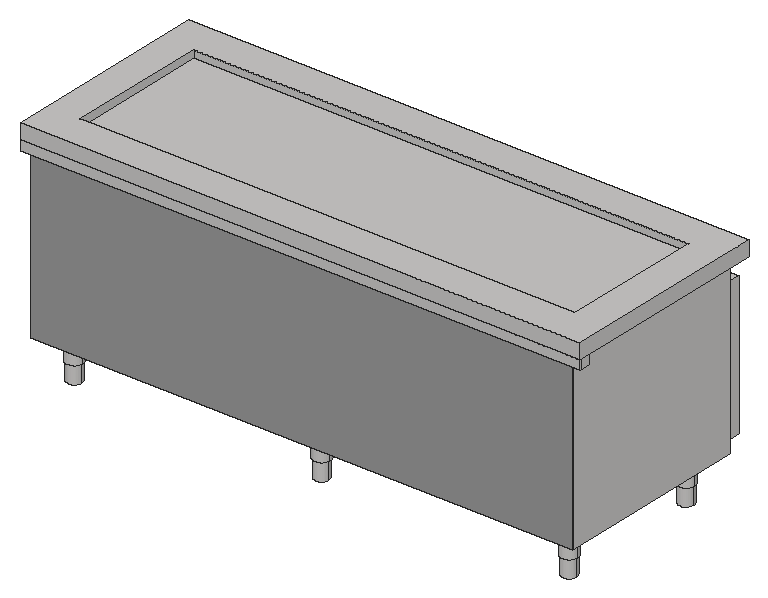
Revit family "QF_BOURGEAT_Self_meuble_cuve_froid_statique_avec_reserve_6GN", category Equipement spécialisé, Revit 2015
Parameters (values of type "reserve_cuve30")
  profondeur_cuve = 30 mm
  presentoir = no
  porte_reserve = no
  URL catalogue = "http://www.bourgeat.fr"
  URL = ""
  Type de Raccord Electrique = ""
  Type article = ""
  Type Fluide Frigorigène = "R404a"
  Tension = 230 V
  Spécification du Fabricant = "meuble cuve froid statique OASIS"
  Roues = no
  Remarques Electricité = ""
  Puissance électrique  = 1150 W
  Puissance frigorifique = "665W"
  Profondeur hors tout = 820 mm
  Poids net à vide = 300.00 kg
  Pieds_centre = yes
  Pieds = yes
  Phase = 2
  Niveau Sonore = "60dBa"
  Nature isolant = "polyurethane"
  Modèle = "853226"
  Longueur hors tout = 2184 mm
  Intensité nominale = 5 A
  Indice de protection = "21"
  Hauteur hors tout = 900 mm
  Fréquence = 50 Hz
  Fabricant = "BOURGEAT"
  Contact SAV = "0033(0)4.76.32.14.44"
  Classe Climatique = "3"
  Charge_gaz = ""
  Charge max = 200.00 kg
Types (13, lengths in mm): name | profondeur_cuve | presentoir | porte_reserve | Roues | Puissance électrique  | Poids net à vide | Pieds_centre | Pieds | Modèle | Intensité nominale | Hauteur hors tout
  (no name) | 30 | no | no | no | 1150 W | 300.00 kg | yes | yes | "853226" | 5 A | 900
  reserve_cuve30 | 30 | no | no | no | 1150 W | 300.00 kg | yes | yes | "853226" | 5 A | 900
  reserve_cuve90 | 90 | no | no | no | 1150 W | 300.00 kg | yes | yes | "853296" | 5 A | 900
  reserve_cuve30_presentoir_lampe_fluorecente | 30 | yes | no | no | 1198 W | 330.00 kg | yes | yes | "853226 + 853316" | 5.2087 A | 1330
  reserve_cuve30_presentoir_lampe_LED | 30 | yes | no | no | 1198 W | 330.00 kg | yes | yes | "853226 + 853326" | 5.2087 A | 1330
  reserve_cuve90_presentoir_lampe_fluorecente | 90 | yes | no | no | 1198 W | 330.00 kg | yes | yes | "853296 + 853316" | 5.2087 A | 1330
  reserve_cuve90_presentoir_lampe_LED | 90 | yes | no | no | 1198 W | 330.00 kg | yes | yes | "853296 + 853326" | 5.2087 A | 1330
  reserve_cuve30_roues | 30 | no | no | yes | 1150 W | 300.00 kg | no | no | "853226 + 854950" | 5 A | 900
  reserve_cuve90_roues | 90 | no | no | yes | 1150 W | 300.00 kg | no | no | "853296" | 5 A | 900
  reserve_cuve30_presentoir_lampe_fluorecente_roues | 30 | yes | no | yes | 1198 W | 330.00 kg | no | no | "853226 + 853316 + 854950" | 5.2087 A | 1330
  reserve_cuve30_presentoir_lampe_LED_roues | 30 | yes | no | yes | 1198 W | 330.00 kg | no | no | "853226 + 853326 + 854950" | 5.2087 A | 1330
  reserve_cuve90_presentoir_lampe_fluorecente_roues | 90 | yes | yes | yes | 1198 W | 330.00 kg | no | no | "853296 + 853316 + 854950" | 5.2087 A | 1330
  reserve_cuve90_presentoir_lampe_LED_roues | 90 | yes | no | no | 1198 W | 330.00 kg | yes | yes | "853296 + 853326 + 854950" | 5.2087 A | 1330
Reference planes
  plane 1 "Centre (avant/arrière)": y = 0
  plane 2: z = 0
  plane 3 "Centre (gauche/droite)": x = 0
  plane 4: y = 812
  plane 5: y = 668.25
  plane 6: y = 97.194
  plane 7: z = 235
  plane 8: z = 515
  plane 9: y = 555
Forms (mm)
  Extrusion 1, solid
    sketch origin (-29.925, 3.363, 0) x (1, 0, 0) y (0, 1, 0)
      loop
        circle (-2016.075, 551.637) r 5
    from 154.552 to 160
  Extrusion 2, solid, material "Acier inoxydable, brossé"
    sketch origin (0, 0, 0) x (1, 0, 0) y (0, 1, 0)
      loop
        line (-203, 760) -> (-1286, 760) -> (-1286, 80) -> (-203, 80) -> (-203, 760)
    from 160 to 250
Lines and regions (mm)
  symbolic lines, style "SpecialityEquipmentHiddenLines"
    curve 1: line (-1292, 818, 0) -> (-1292, 1434, 0)
    curve 2: line (-8, 818, 0) -> (-8, 1434, 0)
    curve 3: arc (-676, 818, 0) -> (-856.422, 1253.578, 0) -> (-1292, 1434, 0) r 616
    curve 4: arc (-624, 818, 0) -> (-443.578, 1253.578, 0) -> (-8, 1434, 0) r 616
Dimensions and locks
  locked: plane 4 to nested 1 at 47
  locked: nested 1 to plane 6 at 97.194
  locked: nested 1 to plane 5 at 96.75
  nested 2 to nested 1 = 864 mm
  nested 1 to nested 2 = 237 mm
  plane 8 to nested 7 = 515 mm
  plane 7 to nested 7 = 235 mm
  locked: nested 2 to plane 3 "Centre (gauche/droite)" at 34
  locked: plane 2 to nested 9 at 727
  locked: nested 1 to nested 9 at 69.625
  locked: plane 4 to plane 9 at 257
  locked: nested 1 to nested 17 at 47.187
  locked: nested 17 to plane 2 at 223
  aligned and locked: level to plane 2
  aligned and locked: nested 2 to nested 1  (x2)
  aligned and locked: nested 1 to plane 1 "Centre (avant/arrière)"
  aligned and locked: plane 4 to nested 2
  aligned and locked: nested 2 to nested 3  (x2)
  aligned and locked: nested 1 to nested 6
  aligned and locked: nested 1 to nested 7
  aligned and locked: nested 1 to nested 5
  aligned and locked: nested 1 to nested 4
  aligned and locked: nested 6 to plane 2
  aligned and locked: nested 2 to nested 5
  aligned and locked: nested 2 to nested 4
  aligned and locked: nested 6 to plane 5
  aligned and locked: nested 7 to plane 6
  aligned and locked: nested 4 to plane 5
  aligned and locked: nested 5 to plane 6
  aligned and locked: nested 3 to nested 2
  aligned and locked: plane 3 "Centre (gauche/droite)" to nested 1
  aligned and locked: nested 6 to nested 2
  aligned and locked: nested 7 to nested 2
  aligned and locked: nested 1 to nested 9
  aligned and locked: Extrusion 1 to nested 1
  aligned and locked: nested 6 to nested 13  (x2)
  aligned and locked: nested 4 to nested 10  (x2)
  aligned and locked: nested 5 to nested 11  (x2)
  aligned and locked: nested 7 to nested 12  (x2)
  aligned and locked: Extrusion 1 sketch curve to plane 9
  aligned and locked: nested 1 to Extrusion 1 sketch curve
  aligned and locked: nested 1 to nested 12
  aligned and locked: nested 1 to nested 13
  aligned and locked: nested 1 to nested 11
  aligned and locked: nested 1 to nested 10
  aligned and locked: Extrusion 2 sketch curve to nested 1  (x2)
  aligned and locked: nested 1 to Extrusion 2 sketch curve
  aligned and locked: nested 15 to nested 14
  aligned and locked: nested 2 to nested 15
  aligned and locked: nested 15 to plane 6
  aligned and locked: nested 14 to plane 5
  aligned and locked: nested 17 to nested 1
  aligned and locked: Extrusion 2 to nested 18
  aligned and locked: nested 2 to nested 18
  aligned and locked: nested 2 to nested 20
  aligned and locked: nested 2 to nested 19
  aligned and locked: nested 20 to plane 5
  aligned and locked: nested 19 to plane 6
Nested families
  nested 1: "corps_meuble" at (0, 0, 160), type "corps_meuble"
  nested 2: "cuve" at (-1058, 402, 808), type "cuve_30"
    with profondeur_cuve 30 mm, lg_cuve 2184 mm
  nested 3: "presentoir" at (-1058, 402, 551.997) x (0, 1, 0) z (0, 0, 1), visible <- "presentoir", type "presentoir"
    with lg_presentoir 2072 mm, lg_ht 2184 mm
  nested 4: "pied" at (-93, 668.25, 0), visible <- "Pieds", type "pied"
  nested 5: "pied" at (-93, 97.194, 0), visible <- "Pieds", type "pied"
  nested 6: "pied" at (-2023, 668.25, 0), visible <- "Pieds", type "pied"
  nested 7: "pied" at (-2023, 97.194, 0), visible <- "Pieds", type "pied"
  nested 8: "Bloc_porte" at (-650, 765, 14) x (-1, 0, 0) z (0, 0, 1), type "Bloc_porte"
  nested 9: "IHM_horizontal" at (-1951.875, 765, 727) x (-1, 0, 0) z (0, 0, 1), type "IHM_horizontal"
  nested 10: "roue_ht160" at (-93, 668.25, -0.21), visible <- "Roues", type "roue_ht160"
    with Sans frein yes, Avec frein yes
  nested 11: "roue_ht160" at (-93, 97.194, -0.21), visible <- "Roues", type "roue_ht160"
    with Sans frein yes, Avec frein no
  nested 12: "roue_ht160" at (-2023, 97.194, -0.21), visible <- "Roues", type "roue_ht160"
    with Sans frein yes, Avec frein no
  nested 13: "roue_ht160" at (-2023, 668.25, -0.21), visible <- "Roues", type "roue_ht160"
    with Sans frein yes, Avec frein yes
  nested 14: "pied" at (-1058, 668.25, 0), visible <- "Pieds_centre", type "pied"
  nested 15: "pied" at (-1058, 97.194, 0), visible <- "Pieds_centre", type "pied"
  nested 16: "IHM_horizontal" at (-1722.075, 765, 725.803) x (-1, 0, 0) z (0, 0, 1), type "IHM_horizontal"
  nested 17: "porte_groupe_froid" at (-1685.313, 775, 53), type "lg767"
  nested 18: "bandeau_h83" at (-744.5, 760, 757), type "bandeau_h83"
  nested 19: "roue_ht160" at (-1058, 97.194, -56.776), visible <- "Roues", type "roue_ht160"
    with Sans frein yes, Avec frein no
  nested 20: "roue_ht160" at (-1058, 668.25, -23.351), visible <- "Roues", type "roue_ht160"
    with Sans frein yes, Avec frein yes
Connectors
  electrical at (-2046, 555, 154.552), driven by "Tension"
    settings: on Extrusion 1, index 1, voltage 230 V, apparent load 0 VA, apparent load phase1 1150 VA, apparent load phase2 0 VA, apparent load phase3 0 VA, power factor 1, load classification "Autre", number of poles 2, system type 30, power factor state 1, is connector primary yes, connector utility no, sub classification motor no, connector description ""
Definition of nested family "corps_meuble"
  Parameters (values of type "corps_meuble")
    lg_ouverture_cuve = lg_meuble - 200 mm  # 1916 mm
    lg_meuble = Largeur_hors_tout - 68 mm  # 2116 mm
    Largeur_hors_tout = 2184 mm
  Reference planes
    plane 1 "Centre (avant/arrière)": y = 0
    plane 2: z = 0
    plane 3 "Centre (gauche/droite)": x = 0
    plane 4: z = 680
    plane 5: x = -1058
    plane 6: x = 0
    plane 7: x = -2116
    plane 8: x = -2046
    plane 9: x = -70
    plane 10: x = -1286
    plane 11: x = -203
    plane 12: y = 382.5
    plane 13: x = -2019
    plane 14: y = -1
  Forms (mm)
    Extrusion 1, solid
      sketch origin (0, -50.814, 0) x (1, 0, 0) y (0, 1, 0)
        loop
          line (-2116, 815.814) -> (-2116, 50.814) -> (0, 50.814) -> (0, 815.814) -> (-203, 815.814) -> (-203, 130.814) -> (-1286, 130.814) -> (-1286, 815.814) -> (-2116, 815.814)
      from 0 to 680
    Extrusion 2, void
      sketch origin (0, 0, 0) x (1, 0, 0) y (0, 1, 0)
        loop
          line (-2046, 739.99) -> (-2046, 39.99) -> (-70, 39.99) -> (-70, 739.99) -> (-2046, 739.99)
      from 588.119 to 680
    Extrusion 3, solid
      sketch origin (0, 0, 0) x (1, 0, 0) y (0, 0, 1)
        loop
          line (-2116, 680) -> (-2116, 0) -> (0, 0) -> (0, 680) -> (-2116, 680)
      from 0 to 1
  Cuts and joins
    Extrusion 2 cuts Extrusion 1
  Dimensions and locks
    locked: plane 4 to plane 2 at 680
    locked: plane 7 to plane 8 at 70
    "lg_meuble": plane 7 to plane 3 "Centre (gauche/droite)"
    equal spacing: plane 7, plane 5, plane 3 "Centre (gauche/droite)"
    locked: plane 7 to plane 10 at 830
    locked: plane 11 to plane 3 "Centre (gauche/droite)" at 203
    locked: plane 9 to plane 3 "Centre (gauche/droite)" at 70
    locked: plane 7 to plane 13 at 97
    aligned and locked: level to plane 2
    aligned and locked: Extrusion 1 sketch curve to Extrusion 1 sketch curve
    aligned and locked: plane 4 to Extrusion 1
    aligned and locked: plane 3 "Centre (gauche/droite)" to plane 6
    aligned and locked: plane 9 to Extrusion 2
    aligned and locked: plane 3 "Centre (gauche/droite)" to cut or joined group of Extrusion 1, Extrusion 2
    aligned and locked: cut or joined group of Extrusion 1, Extrusion 2 to plane 7
    aligned and locked: cut or joined group of Extrusion 1, Extrusion 2 to plane 8
    aligned and locked: plane 10 to cut or joined group of Extrusion 1, Extrusion 2
    aligned and locked: cut or joined group of Extrusion 1, Extrusion 2 to plane 11
    aligned and locked: Extrusion 3 sketch curve to cut or joined group of Extrusion 1, Extrusion 2  (x4)
    aligned and locked: plane 14 to Extrusion 3
    aligned and locked: Extrusion 3 to plane 7
    aligned and locked: plane 3 "Centre (gauche/droite)" to Extrusion 3
  Automatic sketch dimensions
    Extrusion 1 sketch curve to plane 1 "Centre (avant/arrière)" = 0 mm
    Extrusion 1 sketch curve to Extrusion 1 sketch curve = 685 mm
    Extrusion 1 sketch curve to plane 3 "Centre (gauche/droite)" = 0 mm
    Extrusion 1 sketch curve to plane 5 = 228 mm
    Extrusion 1 sketch curve to plane 5 = 1058 mm
    Extrusion 1 sketch curve to plane 1 "Centre (avant/arrière)" = 80 mm
    Extrusion 1 sketch curve to Extrusion 1 sketch curve = 765 mm
    Extrusion 1 sketch curve to plane 9 = 133 mm
    Extrusion 2 sketch curve to plane 8 = 0 mm
    Extrusion 2 sketch curve to plane 9 = 0 mm
    Extrusion 2 sketch curve to plane 1 "Centre (avant/arrière)" = 39.99 mm
    plane 12 to Extrusion 2 sketch curve = 357.49 mm
Definition of nested family "cuve"
  Parameters (values of type "cuve_30")
    profondeur_cuve = 90 mm
    lg_cuve = 1209 mm
  Reference planes
    plane 1 "Centre (avant/arrière)": y = 0
    plane 2: z = 0
    plane 3 "Centre (gauche/droite)": x = 0
    plane 4: y = 410
    plane 5: y = -410
    plane 6: x = -604.5
    plane 7: x = 604.5
    plane 8: z = 92
    plane 9: y = 277
    plane 10: y = -277
    plane 11: x = 477.5
    plane 12: x = -477.5
    plane 13: z = 2
    plane 14: y = -279
    plane 15: x = -479.5
    plane 16: y = 279
    plane 17: x = 479.5
    plane 18: z = 32
    plane 19: y = -408
    plane 20: z = 82
    plane 21: z = -4
  Forms (mm)
    Extrusion 1, solid
      sketch origin (12, -10, 0) x (1, 0, 0) y (0, 1, 0)
        loop
          line (-616.5, 420) -> (-616.5, -400) -> (592.5, -400) -> (592.5, 420) -> (-616.5, 420)
      from 0 to 92
    Extrusion 2, void
      sketch origin (0, 0, 0) x (1, 0, 0) y (0, 1, 0)
        loop
          line (-477.5, 277) -> (-477.5, -277) -> (477.5, -277) -> (477.5, 277) -> (-477.5, 277)
      from 2 to 250
    Extrusion 3, void
      sketch origin (0, 0, 0) x (1, 0, 0) y (0, 1, 0)
        loop
          line (-479.5, 279) -> (-479.5, -279) -> (479.5, -279) -> (479.5, 279) -> (-479.5, 279)
        loop
          line (-674.5, 480) -> (-674.5, -480) -> (674.5, -480) -> (674.5, 480) -> (-674.5, 480)
      from 0 to 32
    Extrusion 4, solid
      sketch origin (0, 0, 0) x (1, 0, 0) y (0, 1, 0)
        loop
          line (-604.5, -408) -> (-604.5, -410) -> (604.5, -410) -> (604.5, -408) -> (-604.5, -408)
      from -4 to 32
    Extrusion 5, solid
      sketch origin (0, 0, 0) x (0, 1, 0) y (0, 0, 1)
        loop
          line (-408, -4) -> (-370, -4) -> (-370, 32) -> (-408, 32) -> (-408, -4)
      from -604.5 to 604.5
  Cuts and joins
    Extrusion 2, Extrusion 3 cuts Extrusion 1
  Dimensions and locks
    equal spacing: plane 4, plane 1 "Centre (avant/arrière)", plane 5, locked at 410 each
    plane 4 to plane 5 = 820 mm
    equal spacing: plane 6, plane 3 "Centre (gauche/droite)", plane 7
    "lg_cuve": plane 6 to plane 7
    plane 8 to plane 2 = 92 mm
    locked: plane 5 to plane 10 at 133
    locked: plane 4 to plane 9 at 133
    locked: plane 11 to plane 7 at 127
    locked: plane 6 to plane 12 at 127
    locked: plane 16 to plane 9 at 2
    locked: plane 15 to plane 12 at 2
    locked: plane 14 to plane 10 at 2
    locked: plane 11 to plane 17 at 2
    locked: Extrusion 3 sketch curve to plane 6 at 70
    locked: Extrusion 3 sketch curve to plane 5 at 70
    locked: plane 7 to Extrusion 3 sketch curve at 70
    locked: Extrusion 3 sketch curve to plane 4 at 70
    locked: plane 8 to plane 18 at 60
    locked: plane 5 to plane 19 at 2
    locked: plane 21 to plane 18 at 36
    locked: cut or joined group of Extrusion 1, Extrusion 2, Extrusion 3 to cut or joined group of Extrusion 1, Extrusion 2, Extrusion 3 at 554
    "profondeur_cuve": plane 8 to plane 13
    aligned and locked: plane 2 to level
    aligned and locked: plane 6 to Extrusion 1 sketch curve
    aligned and locked: Extrusion 1 sketch curve to plane 7
    aligned and locked: plane 8 to Extrusion 1
    aligned and locked: plane 4 to Extrusion 1
    aligned and locked: plane 5 to Extrusion 1
    aligned and locked: Extrusion 2 sketch curve to plane 9
    aligned and locked: Extrusion 2 sketch curve to plane 12
    aligned and locked: Extrusion 2 sketch curve to plane 10
    aligned and locked: Extrusion 2 sketch curve to plane 11
    aligned and locked: cut or joined group of Extrusion 1, Extrusion 2, Extrusion 3 to plane 13
    aligned and locked: Extrusion 3 sketch curve to plane 16
    aligned and locked: Extrusion 3 sketch curve to plane 15
    aligned and locked: Extrusion 3 sketch curve to plane 14
    aligned and locked: Extrusion 3 sketch curve to plane 17
    aligned and locked: cut or joined group of Extrusion 1, Extrusion 2, Extrusion 3 to plane 18
    aligned and locked: Extrusion 4 sketch curve to plane 19
    aligned and locked: plane 6 to Extrusion 4 sketch curve
    aligned and locked: Extrusion 4 sketch curve to cut or joined group of Extrusion 1, Extrusion 2, Extrusion 3  (x2)
    aligned and locked: cut or joined group of Extrusion 1, Extrusion 2, Extrusion 3 to Extrusion 4
    aligned and locked: plane 18 to Extrusion 5 sketch curve
    aligned and locked: Extrusion 4 to Extrusion 5 sketch curve
    aligned and locked: cut or joined group of Extrusion 1, Extrusion 2, Extrusion 3 to Extrusion 5
    aligned and locked: Extrusion 5 to cut or joined group of Extrusion 1, Extrusion 2, Extrusion 3
    aligned and locked: plane 21 to Extrusion 5 sketch curve
    aligned and locked: Extrusion 4 to Extrusion 5
  Automatic sketch dimensions
    Extrusion 1 sketch curve to plane 5 = 0 mm
    plane 4 to Extrusion 1 sketch curve = 0 mm
    Extrusion 5 sketch curve to plane 5 = 2 mm
    Extrusion 5 sketch curve to Extrusion 5 sketch curve = 38 mm
Definition of nested family "presentoir"
  Parameters (values of type "presentoir")
    lg_presentoir = lg_ht - 112 mm  # 1097 mm
    lg_ht = 1209 mm
  Reference planes
    plane 1 "Centre (avant/arrière)": y = 0
    plane 2: z = 0
    plane 3 "Centre (gauche/droite)": x = 0
    plane 4: x = 0
    plane 5: y = 0
    plane 6: z = 348.003
    plane 7: z = 775.003
    plane 8: z = 353.003
    plane 9: z = 770.54
    plane 10: z = 727.003
    plane 11: y = 548.5
    plane 12: y = -548.5
    plane 13: y = 548.5
    plane 14: y = -548.5
  Forms (mm)
    Extrusion 1, solid
      sketch origin (0, 0, 0) x (1, 0, 0) y (0, 0, 1)
        loop
          line (-240.07, 650.474) -> (-234.874, 647.474) -> (-219.875, 673.453)
          arc (-219.875, 673.453) -> (-158.748, 734.58) -> (-75.248, 756.953) r 167
          line (-75.248, 756.953) -> (179.75, 756.953) -> (179.75, 762.953) -> (-75.248, 762.953)
          arc (-75.248, 762.953) -> (-161.33, 740.45) -> (-224.372, 677.664) r 170.59
          line (-224.372, 677.664) -> (-240.07, 650.474)
      from -503.5 to 503.5
    Extrusion 2, solid
      sketch origin (0, 0, 0) x (1, 0, 0) y (0, 1, 0)
        loop
          line (-25, 548.5) -> (-30.461, 503.5) -> (30.461, 503.5) -> (25, 548.5)
          arc (25, 548.5) -> (0, 523.5) -> (-25, 548.5) r 25
        loop
          arc (-25, -548.5) -> (0, -523.5) -> (25, -548.5) r 25
          line (25, -548.5) -> (30.461, -503.5) -> (-30.461, -503.5) -> (-25, -548.5)
      from 727.003 to 770.54
    Extrusion 3, solid
      sketch origin (0, -396.5, 0) x (1, 0, 0) y (0, 1, 0)
        loop
          circle (0, 945) r 21.2
        loop
          circle (0, -152) r 21.2
      from 353.003 to 775.003
    Revolve 4, solid
      sketch origin (0, 0, 0) x (0, 1, 0) y (0, 0, 1)
        loop
          line (-548.5, 353.003) -> (-569.7, 353.003) -> (-573.5, 349.203) -> (-573.5, 348.003) -> (-548.5, 348.003) -> (-548.5, 353.003)
        axis (-548.5, 353.003) -> (-548.5, 348.003)
      angle from 0 to 360
    Revolve 5, solid
      sketch origin (0, 0, 0) x (0, -1, 0) y (0, 0, 1)
        loop
          line (-548.5, 353.003) -> (-569.7, 353.003) -> (-573.5, 349.203) -> (-573.5, 348.003) -> (-548.5, 348.003) -> (-548.5, 353.003)
        axis (-548.5, 353.003) -> (-548.5, 348.003)
      angle from 0 to 360
  Dimensions and locks
    equal spacing: plane 11, plane 1 "Centre (avant/arrière)", plane 12
    "lg_presentoir": plane 11 to plane 12
    locked: Extrusion 2 sketch curve to plane 14 at 45
    locked: plane 13 to Extrusion 2 sketch curve at 45
    aligned and locked: level to plane 2
    aligned and locked: plane 3 "Centre (gauche/droite)" to plane 4
    aligned and locked: Extrusion 3 to plane 7
    aligned and locked: plane 8 to Extrusion 3
    aligned and locked: Extrusion 2 to plane 9
    aligned and locked: plane 10 to Extrusion 2
    aligned and locked: plane 1 "Centre (avant/arrière)" to plane 5
    aligned and locked: plane 11 to Extrusion 3
    aligned and locked: plane 12 to Extrusion 3
    aligned and locked: plane 13 to plane 11
    aligned and locked: plane 14 to plane 12
    aligned and locked: Extrusion 1 to Extrusion 2  (x2)
  Automatic sketch dimensions
    Extrusion 1 sketch curve to plane 3 "Centre (gauche/droite)" = 240.07 mm
    plane 10 to Extrusion 1 sketch curve = 79.529 mm
    Extrusion 1 sketch curve to Extrusion 1 sketch curve = 5.196 mm
    plane 10 to Extrusion 1 sketch curve = 49.34 mm
    Extrusion 1 sketch curve to Extrusion 1 sketch curve = 15.698 mm
    plane 10 to Extrusion 1 sketch curve = 53.55 mm
    Extrusion 1 sketch curve to plane 3 "Centre (gauche/droite)" = 76.636 mm
    Extrusion 1 sketch curve to Extrusion 1 sketch curve = 1.388 mm
    Extrusion 1 sketch curve to Extrusion 1 sketch curve = 0 mm
    plane 9 to Extrusion 1 sketch curve = 13.587 mm
    plane 3 "Centre (gauche/droite)" to Extrusion 1 sketch curve = 179.75 mm
    Extrusion 1 sketch curve to Extrusion 1 sketch curve = 2.415 mm
    Extrusion 2 sketch curve to plane 14 = 0 mm
    plane 11 to Extrusion 2 sketch curve = 0 mm
    Extrusion 2 sketch curve to plane 3 "Centre (gauche/droite)" = 0 mm  (x2)
    Extrusion 2 sketch curve to Extrusion 2 sketch curve = 25 mm  (x2)
    Extrusion 2 sketch curve to plane 3 "Centre (gauche/droite)" = 30.461 mm  (x2)
    plane 3 "Centre (gauche/droite)" to Extrusion 2 sketch curve = 30.461 mm  (x2)
    Extrusion 3 sketch curve to plane 3 "Centre (gauche/droite)" = 0 mm  (x2)
    Extrusion 3 sketch curve to plane 12 = 0 mm
    plane 11 to Extrusion 3 sketch curve = 0 mm
    Revolve 4 sketch curve to plane 6 = 0 mm
    Revolve 4 sketch curve to plane 8 = 0 mm
    Revolve 4 sketch curve to plane 12 = 0 mm  (x2)
    Revolve 4 sketch curve to Revolve 4 sketch curve = 21.2 mm
    Revolve 4 sketch curve to Revolve 4 sketch curve = 3.8 mm
    Revolve 4 sketch curve to Revolve 4 sketch curve = 1.2 mm
    Revolve 4 sketch curve to plane 6 = 14.256 mm
    plane 8 to Revolve 4 sketch curve = 30.744 mm
    Revolve 5 sketch curve to plane 6 = 0 mm
    plane 8 to Revolve 5 sketch curve = 0 mm
    Revolve 5 sketch curve to plane 11 = 0 mm  (x2)
    Revolve 5 sketch curve to plane 11 = 21.2 mm
    Revolve 5 sketch curve to Revolve 5 sketch curve = 3.8 mm
    Revolve 5 sketch curve to Revolve 5 sketch curve = 1.2 mm
    plane 6 to Revolve 5 sketch curve = 14.256 mm
    Revolve 5 sketch curve to Revolve 5 sketch curve = 30.744 mm
    radius of Extrusion 3 sketch curve = 21.2 mm  (x2)
Definition of nested family "pied"
  Reference planes
    plane 1 "Centre (avant/arrière)": y = 0
    plane 2: z = 0
    plane 3 "Centre (gauche/droite)": x = 0
  Forms (mm)
    Revolve 1, solid
      sketch origin (0, 0, 0) x (1, 0, 0) y (0, 0, 1)
        loop
          line (0, 160) -> (-33, 160) -> (-33, 70) -> (-28, 70) -> (-28, 0) -> (0, 0) -> (0, 160)
        axis (0, 160) -> (0, 0)
      angle from 0 to 360
  Dimensions and locks
    plane 3 "Centre (gauche/droite)" to Revolve 1 sketch curve = 28 mm
    Revolve 1 sketch curve to plane 3 "Centre (gauche/droite)" = 33 mm
    Revolve 1 sketch curve to plane 2 = 70 mm
    Revolve 1 sketch curve to Revolve 1 sketch curve = 90 mm
    aligned and locked: level to plane 2
Definition of nested family "Bloc_porte"
  Reference planes
    plane 1 "Centre (avant/arrière)": y = 0
    plane 2: z = 0
    plane 3 "Centre (gauche/droite)": x = 0
    plane 4: x = 26
    plane 5: x = -26
    plane 6: x = 642
    plane 7: x = -642
    plane 8: z = 189
    plane 9: z = 743
    plane 10: y = 10
    plane 11: y = -53
  Forms (mm)
    Extrusion 1, solid
      sketch origin (0, 0, 0) x (1, 0, 0) y (0, 1, 0)
        loop
          line (-26, 10) -> (-26, 0) -> (26, 0) -> (26, 10) -> (-26, 10)
      from 189 to 743
    Extrusion 2, solid
      sketch origin (0, 0, 0) x (1, 0, 0) y (0, 1, 0)
        loop
          line (-642, 0) -> (-642, -53) -> (-26, -53) -> (-26, 0) -> (-642, 0)
        loop
          line (26, -53) -> (642, -53) -> (642, 0) -> (26, 0) -> (26, -53)
      from 189 to 743
  Dimensions and locks
    equal spacing: plane 7, plane 3 "Centre (gauche/droite)", plane 6
    locked: plane 5 to plane 3 "Centre (gauche/droite)" at 26
    locked: plane 4 to plane 3 "Centre (gauche/droite)" at 26
    locked: plane 8 to plane 2 at 189
    locked: plane 9 to plane 8 at 554
    locked: plane 7 to plane 5 at 616
    plane 7 to plane 6 = 1284 mm
    aligned and locked: level to plane 2
    aligned and locked: Extrusion 1 sketch curve to plane 10
    aligned and locked: Extrusion 1 sketch curve to plane 5
    aligned and locked: Extrusion 1 sketch curve to plane 1 "Centre (avant/arrière)"
    aligned and locked: Extrusion 1 sketch curve to plane 4
    aligned and locked: Extrusion 2 sketch curve to plane 11
    aligned and locked: Extrusion 2 sketch curve to plane 4
    aligned and locked: Extrusion 2 sketch curve to plane 1 "Centre (avant/arrière)"
    aligned and locked: plane 6 to Extrusion 2 sketch curve
    aligned and locked: plane 5 to Extrusion 2 sketch curve
    aligned and locked: plane 11 to Extrusion 2 sketch curve
    aligned and locked: plane 1 "Centre (avant/arrière)" to Extrusion 2 sketch curve
    aligned and locked: Extrusion 2 sketch curve to plane 7
    aligned and locked: Extrusion 2 to plane 9
    aligned and locked: Extrusion 2 to plane 8
    aligned and locked: plane 7 to Extrusion 2
    aligned and locked: plane 6 to Extrusion 2
    aligned and locked: Extrusion 2 to plane 4
    aligned and locked: Extrusion 2 to plane 5
Definition of nested family "IHM_horizontal"
  Reference planes
    plane 1 "Centre (avant/arrière)": y = 0
    plane 2: z = 0
    plane 3 "Centre (gauche/droite)": x = 0
    plane 4: y = -10
    plane 5: y = -13
  Forms (mm)
    Extrusion 1, solid
      sketch origin (-374.736, 0, -402) x (1, 0, 0) y (0, 0, 1)
        loop
          line (280.236, 402) -> (469.236, 402) -> (469.236, 440) -> (280.236, 440) -> (280.236, 402)
      from 0 to 10
    Extrusion 2, solid
      sketch origin (0, 0, 0) x (1, 0, 0) y (0, 0, 1)
        loop
          line (-89.496, 32.01) -> (-89.496, 7.01) -> (90.504, 7.01) -> (90.504, 32.01) -> (-89.496, 32.01)
      from 10 to 13
  Dimensions and locks
    plane 4 to plane 1 "Centre (avant/arrière)" = 10 mm
    aligned and locked: level to plane 2
    aligned and locked: Extrusion 1 to plane 4
    aligned and locked: Extrusion 2 to plane 5
    aligned and locked: plane 4 to Extrusion 2
Definition of nested family "roue_ht160"
  Parameters (values of type "roue_ht160")
    Sans frein [instance] = yes
    Avec frein [instance] = yes
  Reference planes
    plane 1 "Centre (avant/arrière)": y = 0
    plane 2: z = 0
    plane 3 "Centre (gauche/droite)": x = 0
    plane 4: y = 40.851
    plane 5: z = 62.5
  Forms (mm)
    Extrusion 1, solid
      sketch origin (0, 0, 0) x (0, 1, 0) y (0, 0, 1)
        loop
          circle (40.851, 62.5) r 62.5
        loop
          circle (40.851, 62.5) r 57.5
      from -12.5 to 12.5
    Revolve 2, solid
      sketch origin (0, 0, 0) x (0, 1, 0) y (0, 0, 1)
        loop
          line (0, 160.21) -> (-20.149, 160.21) -> (-20.149, 159.41) -> (-21.6, 159.41)
          arc (-21.6, 159.41) -> (-24.448, 158.65) -> (-26.537, 156.572) r 5.712
          line (-26.537, 156.572) -> (-30.146, 147.743) -> (-26.999, 147.062) -> (-26.999, 146.112)
          arc (-26.999, 146.112) -> (-27.23, 145.314) -> (-27.849, 144.761) r 1.5
          arc (-27.849, 144.761) -> (-29.223, 143.633) -> (-29.923, 142) r 3.75
          line (-29.923, 142) -> (0, 142) -> (0, 160.21)
        axis (0, 160.21) -> (0, 142)
      angle from 0 to 360
    Extrusion 3, solid
      sketch origin (0, 0, 0) x (0, 1, 0) y (0, 0, -1)
        loop
          line (-29.974, -138.241) -> (-29.974, -142) -> (21.747, -142) -> (21.747, -60.336)
          arc (21.747, -60.336) -> (10.272, -70.702) -> (-0.149, -82.127) r 160.057
          arc (-0.149, -82.127) -> (-17.883, -108.684) -> (-29.974, -138.241) r 159.585
      from -24.913 to -23.038
    Extrusion 4, solid
      sketch origin (0, 0, 0) x (0, 1, 0) y (0, 0, 1)
        loop
          line (-29.974, 142) -> (-29.974, 140.869) -> (21.747, 140.869) -> (21.747, 142) -> (-29.974, 142)
      from -23.038 to 23.038
    Extrusion 5, solid
      sketch origin (0, 0, 0) x (0, 1, 0) y (0, 0, 1)
        loop
          circle (40.851, 62.5) r 57.5
        loop
          circle (40.851, 62.5) r 55
      from -12.5 to 12.5
    Extrusion 6, solid
      sketch origin (0, 0, 0) x (0, 1, 0) y (0, 0, 1)
        loop
          circle (40.851, 62.5) r 55
      from -7 to 7
    Extrusion 7, solid
      sketch origin (0, 0, 0) x (0, 1, 0) y (0, 0, 1)
        loop
          circle (40.851, 62.5) r 21
      from 7 to 15
    Extrusion 8, solid
      sketch origin (0, 0, 0) x (0, 1, 0) y (0, 0, -1)
        loop
          circle (40.851, -62.5) r 16
      from -23.038 to -15
    Extrusion 9, solid, visible <- "Sans frein"
      sketch origin (0, 0, 0) x (0, 1, 0) y (0, 0, 1)
        loop
          arc (21.747, 60.336) -> (23.188, 59.17) -> (24.642, 58.02) r 161.23
          arc (24.642, 58.02) -> (29.34, 54.513) -> (34.187, 51.216) r 133.333
          arc (34.187, 51.216) -> (46.517, 50.3) -> (53.927, 60.198) r 12.867
          arc (53.927, 60.198) -> (54.714, 99.183) -> (46.119, 137.216) r 161.222
          arc (46.119, 137.216) -> (45.679, 138.887) -> (45.531, 140.609) r 10.076
          line (45.531, 140.609) -> (45.531, 142) -> (21.747, 142) -> (21.747, 60.336)
      from 23.038 to 24.913
    Extrusion 10, solid, visible <- "Sans frein"
      sketch origin (0, 0, 0) x (0, 1, 0) y (0, 0, 1)
        loop
          line (21.747, 142) -> (21.747, 140.701) -> (48.851, 140.701) -> (48.851, 142) -> (21.747, 142)
      from -23.038 to 23.038
    Extrusion 11, solid, visible <- "Avec frein"
      sketch origin (0, 0, 0) x (0, 1, 0) y (0, 0, 1)
        loop
          line (21.747, 142) -> (21.747, 60.336)
          arc (21.747, 60.336) -> (23.177, 59.179) -> (24.62, 58.038) r 160.008
          arc (24.62, 58.038) -> (29.041, 54.705) -> (33.574, 51.527) r 160
          arc (33.574, 51.527) -> (46.135, 50.422) -> (53.724, 60.491) r 13
          arc (53.724, 60.491) -> (55.279, 82.092) -> (53.902, 103.704) r 160
          arc (53.902, 103.704) -> (55.53, 108.653) -> (60.415, 110.463) r 6
          arc (60.415, 110.463) -> (80.625, 109.924) -> (100.725, 112.107) r 150
          arc (100.725, 112.107) -> (104.408, 113.406) -> (107.479, 115.819) r 12
          line (107.479, 115.819) -> (110.851, 121.523)
          arc (110.851, 121.523) -> (85.913, 134.651) -> (58.706, 142) r 127.902
          line (58.706, 142) -> (21.747, 142)
      from 23.038 to 24.913
    Extrusion 12, solid, visible <- "Avec frein"
      sketch origin (0, 0, 0) x (0, 1, 0) y (0, 0, 1)
        loop
          line (58.706, 142) -> (21.747, 142) -> (21.747, 140) -> (58.552, 140)
          arc (58.552, 140) -> (85.253, 132.762) -> (109.73, 119.866) r 125.902
          line (109.73, 119.866) -> (110.851, 121.523)
          arc (110.851, 121.523) -> (85.913, 134.651) -> (58.706, 142) r 127.902
      from -23.038 to 23.038
    Extrusion 13, solid, visible <- "Avec frein"
      sketch origin (0, 19.896, 18.175) x (0, 1, 0) y (0, 0, 1)
        loop
          line (87.583, 97.644) -> (91.829, 95.227)
          arc (91.829, 95.227) -> (93.8, 95.006) -> (95.312, 96.29) r 2.5
          arc (95.312, 96.29) -> (103.495, 100.002) -> (111.176, 104.666) r 74.999
          line (111.176, 104.666) -> (110.852, 105.929)
          arc (110.852, 105.929) -> (110.04, 107.086) -> (108.666, 107.417) r 2
          arc (108.666, 107.417) -> (101.396, 105.849) -> (94.512, 103.034) r 42.354
          line (94.512, 103.034) -> (93.479, 101.228) -> (93.285, 100.414) -> (91.69, 101.675) -> (90.401, 102.412) -> (87.583, 97.644)
      from -23.038 to 23.038
    Extrusion 14, solid, not visible
      sketch origin (0, 0, 0) x (0, 1, 0) y (0, 0, -1)
        loop
          line (-29.974, -138.241) -> (-29.974, -142) -> (21.747, -142) -> (21.747, -60.336)
          arc (21.747, -60.336) -> (10.272, -70.702) -> (-0.149, -82.127) r 160.057
          arc (-0.149, -82.127) -> (-17.883, -108.684) -> (-29.974, -138.241) r 159.585
      from -24.913 to -23.038
    Extrusion 15, solid, not visible
      sketch origin (0, 0, 0) x (0, 1, 0) y (0, 0, 1)
        loop
          circle (40.851, 62.5) r 21
      from 7 to 15
    Extrusion 16, solid, not visible
      sketch origin (0, 0, 0) x (0, 1, 0) y (0, 0, -1)
        loop
          circle (40.851, -62.5) r 16
      from -23.038 to -15
    Extrusion 17, solid, visible <- "Sans frein", not visible
      sketch origin (0, 0, 0) x (0, 1, 0) y (0, 0, 1)
        loop
          arc (21.747, 60.336) -> (23.188, 59.17) -> (24.642, 58.02) r 161.23
          arc (24.642, 58.02) -> (29.34, 54.513) -> (34.187, 51.216) r 133.333
          arc (34.187, 51.216) -> (46.517, 50.3) -> (53.927, 60.198) r 12.867
          arc (53.927, 60.198) -> (54.714, 99.183) -> (46.119, 137.216) r 161.222
          arc (46.119, 137.216) -> (45.679, 138.887) -> (45.531, 140.609) r 10.076
          line (45.531, 140.609) -> (45.531, 142) -> (21.747, 142) -> (21.747, 60.336)
      from 23.038 to 24.913
    Extrusion 18, solid, visible <- "Avec frein", not visible
      sketch origin (0, 0, 0) x (0, 1, 0) y (0, 0, 1)
        loop
          line (21.747, 142) -> (21.747, 60.336)
          arc (21.747, 60.336) -> (23.177, 59.179) -> (24.62, 58.038) r 160.008
          arc (24.62, 58.038) -> (29.041, 54.705) -> (33.574, 51.527) r 160
          arc (33.574, 51.527) -> (46.135, 50.422) -> (53.724, 60.491) r 13
          arc (53.724, 60.491) -> (55.279, 82.092) -> (53.902, 103.704) r 160
          arc (53.902, 103.704) -> (55.53, 108.653) -> (60.415, 110.463) r 6
          arc (60.415, 110.463) -> (80.625, 109.924) -> (100.725, 112.107) r 150
          arc (100.725, 112.107) -> (104.408, 113.406) -> (107.479, 115.819) r 12
          line (107.479, 115.819) -> (110.851, 121.523)
          arc (110.851, 121.523) -> (85.913, 134.651) -> (58.706, 142) r 127.902
          line (58.706, 142) -> (21.747, 142)
      from 23.038 to 24.913
    Extrusion 19, solid
      sketch origin (0, 0, 0) x (0, -1, 0) y (0, 0, -1)
        loop
          arc (29.974, -138.241) -> (17.883, -108.684) -> (0.149, -82.127) r 159.585
          arc (0.149, -82.127) -> (-10.272, -70.702) -> (-21.747, -60.336) r 160.057
          line (-21.747, -60.336) -> (-21.747, -142) -> (29.974, -142) -> (29.974, -138.241)
      from -24.913 to -23.038
    Extrusion 20, solid
      sketch origin (0, 0, 0) x (0, -1, 0) y (0, 0, 1)
        loop
          circle (-40.851, 62.5) r 21
      from 7 to 15
    Extrusion 21, solid
      sketch origin (0, 0, 0) x (0, -1, 0) y (0, 0, -1)
        loop
          circle (-40.851, -62.5) r 16
      from -23.038 to -15
    Extrusion 22, solid, visible <- "Sans frein"
      sketch origin (0, 0, 0) x (0, -1, 0) y (0, 0, 1)
        loop
          line (-21.747, 60.336) -> (-21.747, 142) -> (-45.531, 142) -> (-45.531, 140.609)
          arc (-45.531, 140.609) -> (-45.679, 138.887) -> (-46.119, 137.216) r 10.076
          arc (-46.119, 137.216) -> (-54.714, 99.183) -> (-53.927, 60.198) r 161.222
          arc (-53.927, 60.198) -> (-46.517, 50.3) -> (-34.187, 51.216) r 12.867
          arc (-34.187, 51.216) -> (-29.34, 54.513) -> (-24.642, 58.02) r 133.333
          arc (-24.642, 58.02) -> (-23.188, 59.17) -> (-21.747, 60.336) r 161.23
      from 23.038 to 24.913
    Extrusion 23, solid, visible <- "Avec frein"
      sketch origin (0, 0, 0) x (0, -1, 0) y (0, 0, 1)
        loop
          line (-21.747, 142) -> (-58.706, 142)
          arc (-58.706, 142) -> (-85.913, 134.651) -> (-110.851, 121.523) r 127.902
          line (-110.851, 121.523) -> (-107.479, 115.819)
          arc (-107.479, 115.819) -> (-104.408, 113.406) -> (-100.725, 112.107) r 12
          arc (-100.725, 112.107) -> (-80.625, 109.924) -> (-60.415, 110.463) r 150
          arc (-60.415, 110.463) -> (-55.53, 108.653) -> (-53.902, 103.704) r 6
          arc (-53.902, 103.704) -> (-55.279, 82.092) -> (-53.724, 60.491) r 160
          arc (-53.724, 60.491) -> (-46.135, 50.422) -> (-33.574, 51.527) r 13
          arc (-33.574, 51.527) -> (-29.041, 54.705) -> (-24.62, 58.038) r 160
          arc (-24.62, 58.038) -> (-23.177, 59.179) -> (-21.747, 60.336) r 160.008
          line (-21.747, 60.336) -> (-21.747, 142)
      from 23.038 to 24.913
  Dimensions and locks
    aligned and locked: level to plane 2
Definition of nested family "porte_groupe_froid"
  Parameters (values of type "lg767")
    lg_porte_groupe_froid = 767 mm
  Types (4, lengths in mm): name | lg_porte_groupe_froid
    (no name) | 767
    lg569 | 569
    lg790 | 790
    lg767 | 767
  Reference planes
    plane 1 "Centre (avant/arrière)": y = 0
    plane 2: z = 0
    plane 3 "Centre (gauche/droite)": x = 0
    plane 4: z = 170
    plane 5: z = 644
    plane 6: x = 383.5
    plane 7: x = -383.5
    plane 8: y = -10
    plane 9: z = 231.5
    plane 10: z = 253
    plane 11: y = -20
    plane 12: x = -348.5
    plane 13: x = 348.5
    plane 14: z = 269.5
    plane 15: z = 291
    plane 16: z = 307.5
    plane 17: z = 329
    plane 18: z = 345.5
    plane 19: z = 367
    plane 20: z = 383.5
    plane 21: z = 405
    plane 22: z = 421.5
    plane 23: z = 443
    plane 24: z = 459.5
    plane 25: z = 481
    plane 26: z = 497.5
    plane 27: z = 519
    plane 28: z = 535.5
    plane 29: z = 557
    plane 30: z = 573.5
    plane 31: z = 595
    plane 32: z = 611.5
    plane 33: z = 633
  Forms (mm)
    Extrusion 1, solid
      sketch origin (0, 0, 0) x (1, 0, 0) y (0, 0, 1)
        loop
          line (-383.5, 644) -> (-383.5, 170) -> (383.5, 170) -> (383.5, 644) -> (-383.5, 644)
      from 0 to 10
    Extrusion 2, void
      sketch origin (0, 0, 0) x (1, 0, 0) y (0, 0, 1)
        loop
          line (-348.5, 231.5) -> (348.5, 231.5) -> (348.5, 253) -> (-348.5, 253) -> (-348.5, 231.5)
      from 0 to 250
    Extrusion 3, void
      sketch origin (0, 0, 38) x (1, 0, 0) y (0, 0, 1)
        loop
          line (-348.5, 231.5) -> (348.5, 231.5) -> (348.5, 253) -> (-348.5, 253) -> (-348.5, 231.5)
      from 0 to 250
    Extrusion 4, void
      sketch origin (0, 0, 76) x (1, 0, 0) y (0, 0, 1)
        loop
          line (-348.5, 231.5) -> (348.5, 231.5) -> (348.5, 253) -> (-348.5, 253) -> (-348.5, 231.5)
      from 0 to 250
    Extrusion 5, void
      sketch origin (0, 0, 114) x (1, 0, 0) y (0, 0, 1)
        loop
          line (-348.5, 231.5) -> (348.5, 231.5) -> (348.5, 253) -> (-348.5, 253) -> (-348.5, 231.5)
      from 0 to 250
    Extrusion 6, void
      sketch origin (0, 0, 152) x (1, 0, 0) y (0, 0, 1)
        loop
          line (-348.5, 231.5) -> (348.5, 231.5) -> (348.5, 253) -> (-348.5, 253) -> (-348.5, 231.5)
      from 0 to 250
    Extrusion 7, void
      sketch origin (0, 0, 190) x (1, 0, 0) y (0, 0, 1)
        loop
          line (-348.5, 231.5) -> (348.5, 231.5) -> (348.5, 253) -> (-348.5, 253) -> (-348.5, 231.5)
      from 0 to 250
    Extrusion 8, void
      sketch origin (0, 0, 228) x (1, 0, 0) y (0, 0, 1)
        loop
          line (-348.5, 231.5) -> (348.5, 231.5) -> (348.5, 253) -> (-348.5, 253) -> (-348.5, 231.5)
      from 0 to 250
    Extrusion 9, void
      sketch origin (0, 0, 266) x (1, 0, 0) y (0, 0, 1)
        loop
          line (-348.5, 231.5) -> (348.5, 231.5) -> (348.5, 253) -> (-348.5, 253) -> (-348.5, 231.5)
      from 0 to 250
    Extrusion 10, void
      sketch origin (0, 0, 304) x (1, 0, 0) y (0, 0, 1)
        loop
          line (-348.5, 231.5) -> (348.5, 231.5) -> (348.5, 253) -> (-348.5, 253) -> (-348.5, 231.5)
      from 0 to 250
    Extrusion 11, void
      sketch origin (0, 0, 342) x (1, 0, 0) y (0, 0, 1)
        loop
          line (-348.5, 231.5) -> (348.5, 231.5) -> (348.5, 253) -> (-348.5, 253) -> (-348.5, 231.5)
      from 0 to 250
    Extrusion 12, void
      sketch origin (0, 0, 380) x (1, 0, 0) y (0, 0, 1)
        loop
          line (-348.5, 231.5) -> (348.5, 231.5) -> (348.5, 253) -> (-348.5, 253) -> (-348.5, 231.5)
      from 0 to 250
  Cuts and joins
    Extrusion 2, Extrusion 3, Extrusion 4, Extrusion 5, Extrusion 6, Extrusion 7, Extrusion 8, Extrusion 9, Extrusion 10, Extrusion 11, Extrusion 12 cuts Extrusion 1
  Dimensions and locks
    plane 4 to plane 2 = 170 mm
    locked: plane 5 to plane 4 at 474
    "lg_porte_groupe_froid": plane 7 to plane 6
    plane 8 to plane 1 "Centre (avant/arrière)" = 10 mm
    plane 9 to plane 4 = 61.5 mm
    plane 8 to plane 11 = 10 mm
    equal spacing: plane 7, plane 3 "Centre (gauche/droite)", plane 6
    locked: plane 6 to plane 13 at 35
    locked: plane 12 to plane 7 at 35
    aligned and locked: level to plane 2
    aligned and locked: Extrusion 1 sketch curve to plane 5
    aligned and locked: Extrusion 1 sketch curve to plane 7
    aligned and locked: plane 4 to Extrusion 1 sketch curve
    aligned and locked: Extrusion 1 sketch curve to plane 6
    aligned and locked: Extrusion 1 to plane 8
    aligned and locked: Extrusion 2 sketch curve to plane 9
    aligned and locked: plane 10 to Extrusion 2 sketch curve
    aligned and locked: plane 13 to cut or joined group 1 (Extrusion 1, Extrusion 2, Extrusion 3, Extrusion 4, Extrusion 5, Extrusion 6, Extrusion 7, Extrusion 8, Extrusion 9, Extrusion 10, Extrusion 11, Extrusion 12)  (x11)
    aligned and locked: cut or joined group 1 to plane 13  (x3)
    aligned and locked: cut or joined group 1 to plane 12  (x5)
    aligned and locked: Extrusion 3 sketch curve to plane 14
    aligned and locked: plane 15 to Extrusion 3 sketch curve
    aligned and locked: Extrusion 4 sketch curve to plane 16
    aligned and locked: plane 17 to Extrusion 4 sketch curve
    aligned and locked: Extrusion 5 sketch curve to plane 18
    aligned and locked: plane 19 to Extrusion 5 sketch curve
    aligned and locked: Extrusion 6 sketch curve to plane 20
    aligned and locked: plane 21 to Extrusion 6 sketch curve
    aligned and locked: Extrusion 7 sketch curve to plane 22
    aligned and locked: plane 23 to Extrusion 7 sketch curve
    aligned and locked: Extrusion 8 sketch curve to plane 24
    aligned and locked: plane 25 to Extrusion 8 sketch curve
    aligned and locked: Extrusion 9 sketch curve to plane 26
    aligned and locked: plane 27 to Extrusion 9 sketch curve
    aligned and locked: Extrusion 10 sketch curve to plane 28
    aligned and locked: plane 29 to Extrusion 10 sketch curve
    aligned and locked: Extrusion 11 sketch curve to plane 30
    aligned and locked: plane 31 to Extrusion 11 sketch curve
    aligned and locked: Extrusion 12 sketch curve to plane 32
    aligned and locked: plane 33 to Extrusion 12 sketch curve
    aligned and locked: plane 12 to cut or joined group 1
  Automatic sketch dimensions
    Extrusion 2 sketch curve to Extrusion 2 sketch curve = 697 mm
    Extrusion 3 sketch curve to Extrusion 3 sketch curve = 697 mm
    Extrusion 4 sketch curve to Extrusion 4 sketch curve = 697 mm
    Extrusion 5 sketch curve to Extrusion 5 sketch curve = 697 mm
    Extrusion 6 sketch curve to Extrusion 6 sketch curve = 697 mm
    Extrusion 7 sketch curve to Extrusion 7 sketch curve = 697 mm
    Extrusion 8 sketch curve to Extrusion 8 sketch curve = 697 mm
    Extrusion 7 sketch curve to plane 12 = 0 mm
    Extrusion 6 sketch curve to plane 12 = 0 mm
    Extrusion 5 sketch curve to plane 12 = 0 mm
    Extrusion 4 sketch curve to plane 12 = 0 mm
    Extrusion 3 sketch curve to plane 12 = 0 mm
    Extrusion 2 sketch curve to plane 12 = 0 mm
    Extrusion 9 sketch curve to Extrusion 9 sketch curve = 697 mm
    Extrusion 10 sketch curve to Extrusion 10 sketch curve = 697 mm
    Extrusion 11 sketch curve to Extrusion 11 sketch curve = 697 mm
    Extrusion 12 sketch curve to Extrusion 12 sketch curve = 697 mm
    Extrusion 12 sketch curve to plane 12 = 0 mm
    Extrusion 11 sketch curve to plane 12 = 0 mm
    Extrusion 10 sketch curve to plane 12 = 0 mm
    Extrusion 9 sketch curve to plane 12 = 0 mm
    Extrusion 8 sketch curve to plane 12 = 0 mm
Definition of nested family "bandeau_h83"
  Parameters (values of type "bandeau_h83")
    lg_ht = 2184 mm
    lg_bandeau = lg_ht - (864 mm + 237 mm)  # 1083 mm
  Reference planes
    plane 1 "Centre (avant/arrière)": y = 0
    plane 2: z = 0
    plane 3 "Centre (gauche/droite)": x = 0
    plane 4: x = -541.5
    plane 5: x = 541.5
    plane 6: y = 5
    plane 7: z = 83
  Forms (mm)
    Extrusion 1, solid
      sketch origin (476, 10, 0) x (1, 0, 0) y (0, 1, 0)
        loop
          line (-1017.5, -10) -> (65.5, -10) -> (65.5, -5) -> (-1017.5, -5) -> (-1017.5, -10)
      from 0 to 83
  Dimensions and locks
    plane 7 to plane 2 = 83 mm
    locked: plane 1 "Centre (avant/arrière)" to plane 6 at 5
    "lg_bandeau": plane 4 to plane 5
    equal spacing: plane 4, plane 3 "Centre (gauche/droite)", plane 5
    aligned and locked: level to plane 2
    aligned and locked: Extrusion 1 to plane 4
    aligned and locked: plane 5 to Extrusion 1
    aligned and locked: Extrusion 1 to plane 6
    aligned and locked: plane 7 to Extrusion 1
    aligned and locked: plane 1 "Centre (avant/arrière)" to Extrusion 1
  Automatic sketch dimensions
    Extrusion 1 sketch curve to plane 4 = 0 mm
    Extrusion 1 sketch curve to plane 5 = 0 mm
    plane 1 "Centre (avant/arrière)" to Extrusion 1 sketch curve = 0 mm
    Extrusion 1 sketch curve to plane 6 = 0 mm
